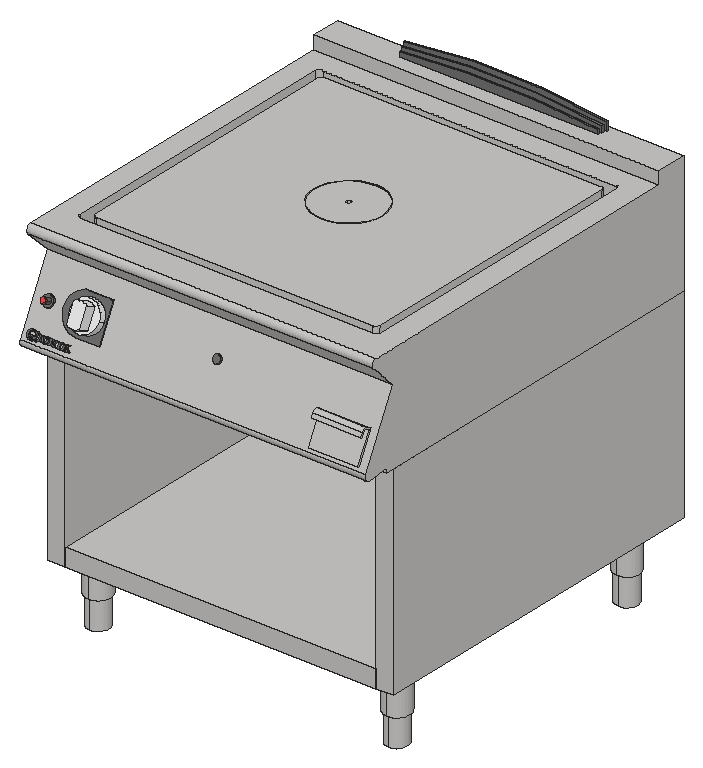
Revit family "QF_GIORIK_TG940G", category Specialty Equipment, Revit 2014
Parameters (values of type "TG940G")
  Weight in Pounds = 231.4851
  URL Cutsheet = "www.giorik.com"
  URL = "www.giorik.com"
  Status [instance] = ""
  Specification by User [instance] = ""
  Specification by Manufacturer = ""
  Show Logo [instance] = yes
  Show Clearance [instance] = yes
  Serial Number = ""
  Seismic Rating = ""
  SMACNA No = ""
  Revision Code [instance] = ""
  NAFEM Spec ID Number = ""
  Model = "TG940G"
  Mechanical Remarks [instance] = "Natural Gas"
  Mechanical Connection Type [instance] = ""
  Masterspec = ""
  Manufacturer = "GIORIK"
  Item Number [instance] = ""
  Installed By [instance] = ""
  Identify Quantity as Lot [instance] = no
  Gas Size = 1"
  Gas RI Height [instance] = 0 mm
  Gas KW = 15
  Gas Input = 15000 W
  Gas Connection Height [instance] = 150 mm
  Furnished By [instance] = ""
  Foodservice Equipment Identifier [instance] = yes
  Description = "GAS SOLID TOP HOB ON OPEN BASE UNIT"
  CSI MasterFormat = ""
  Assembly Code = "E1090320"
Reference planes
  plane 1 "Back": y = 0
  plane 2: z = 0
  plane 3 "Left": x = 0
  plane 4 "Right": x = 800
  plane 5 "Front": y = -920
  plane 6 "Top": z = 900
Forms (mm)
  Extrusion 1, solid, visible <- "Show Logo"
    sketch origin (-83.016, -936.624, 609.486) x (-1, 0, 0) y (0, 0.452718, 0.891654)
      loop
        line (-118.824, 58.358) -> (-127.804, 58.358) -> (-125.523, 56.445) -> (-125.523, 48.027) -> (-127.804, 46.113) -> (-118.824, 46.113) -> (-121.105, 48.027) -> (-121.105, 56.445) -> (-118.824, 58.358)
      loop
        line (-163.721, 58.358) -> (-172.7, 58.358) -> (-170.42, 56.445) -> (-170.42, 48.027) -> (-172.7, 46.113) -> (-163.721, 46.113) -> (-166.001, 48.027) -> (-166.001, 56.445) -> (-163.721, 58.358)
      loop
        line (-174.332, 58.358) -> (-183.312, 58.358) -> (-181.031, 56.445) -> (-181.031, 52.435) -> (-186.419, 56.955) -> (-184.416, 58.358) -> (-191.268, 58.358) -> (-188.01, 56.839) -> (-185.455, 54.283) -> (-190.846, 47.858) -> (-193.396, 46.93) -> (-193.396, 46.113) -> (-184.416, 46.113) -> (-185.437, 47.571) -> (-182.443, 51.552) -> (-181.031, 50.894) -> (-181.031, 48.027) -> (-183.312, 46.113) -> (-174.332, 46.113) -> (-176.613, 48.027) -> (-176.613, 56.445) -> (-174.332, 58.358)
      loop
        line (-115.429, 62.063) -> (-115.429, 54.198)
        arc (-115.429, 54.198) -> (-111.618, 57.803) -> (-106.847, 59.986) r 16.039
        arc (-106.847, 59.986) -> (-103.314, 59.837) -> (-100.512, 57.68) r 5.851
        arc (-100.512, 57.68) -> (-98.815, 52.267) -> (-100.512, 46.853) r 9.479
        arc (-100.512, 46.853) -> (-102.406, 44.986) -> (-104.846, 43.93) r 7.236
        arc (-104.846, 43.93) -> (-107.728, 44.111) -> (-110.052, 45.825) r 5.11
        line (-110.052, 45.825) -> (-110.052, 52.001) -> (-116.141, 52.001) -> (-116.141, 45.503) -> (-117.893, 43.751) -> (-114.094, 44.769)
        arc (-114.094, 44.769) -> (-112.56, 44.947) -> (-111.129, 44.366) r 3.115
        arc (-111.129, 44.366) -> (-104.216, 42.091) -> (-97.303, 44.366) r 11.641
        arc (-97.303, 44.366) -> (-93.396, 52.107) -> (-97.303, 59.849) r 9.622
        arc (-97.303, 59.849) -> (-104.369, 62.174) -> (-111.435, 59.849) r 11.898
        line (-111.435, 59.849) -> (-115.429, 62.063)
      loop
        arc (-129.234, 56.068) -> (-135.893, 58.628) -> (-142.552, 56.068) r 9.941
        arc (-142.552, 56.068) -> (-144.234, 52.286) -> (-142.552, 48.505) r 5.093
        arc (-142.552, 48.505) -> (-135.893, 45.945) -> (-129.234, 48.505) r 9.941
        arc (-129.234, 48.505) -> (-127.552, 52.286) -> (-129.234, 56.068) r 5.093
      loop
        arc (-132.628, 54.403) -> (-135.893, 57.668) -> (-139.158, 54.403) r 3.265
        line (-139.158, 54.403) -> (-139.158, 50.169)
        arc (-139.158, 50.169) -> (-135.893, 46.904) -> (-132.628, 50.169) r 3.265
        line (-132.628, 50.169) -> (-132.628, 54.403)
      loop
        arc (-156.363, 58.365) -> (-159.647, 55.081) -> (-156.363, 51.796) r 3.285
        line (-156.363, 51.796) -> (-159.529, 47.306) -> (-162.087, 46.113) -> (-155.847, 46.113) -> (-153.529, 51.083) -> (-150.637, 51.083) -> (-150.637, 47.784) -> (-153.022, 46.113) -> (-144.011, 46.113) -> (-146.094, 47.68) -> (-146.094, 56.493) -> (-144.229, 58.365) -> (-156.363, 58.365)
      loop
        line (-150.637, 57.512) -> (-153.637, 57.512)
        arc (-153.637, 57.512) -> (-156.237, 54.912) -> (-153.637, 52.312) r 2.6
        line (-153.637, 52.312) -> (-150.637, 52.312) -> (-150.637, 57.512)
      loop
        line (-108.924, 52.001) -> (-104.936, 49.005) -> (-100.948, 52.001) -> (-108.924, 52.001)
    from 1.5 to -0.5
  Extrusion 2, solid
    sketch origin (-16, 1025.948, 0) x (1, 0, 0) y (0, 1, 0)
      loop
        line (25, -1086.81) -> (25, -1156.81) -> (115, -1156.81) -> (115, -1086.81) -> (25, -1086.81)
    from 148 to 150
  Extrusion 3, solid
    sketch origin (-4, 0.138, 130) x (1, 0, 0) y (0, 1, 0)
      loop
        circle (54, -385) r 12.5
    from 0 to 20
  Extrusion 4, solid
    sketch origin (0, 800.138, -20) x (0, 1, 0) y (0, 0, 1)
      loop
        line (-800.138, 919.988) -> (-870.138, 919.988) -> (-870.138, 889.988) -> (-1688.806, 889.988)
        arc (-1688.806, 889.988) -> (-1699.151, 883.075) -> (-1696.724, 870.873) r 11.197
        line (-1696.724, 870.873) -> (-1640.876, 815.025) -> (-1718.948, 661.258)
        arc (-1718.948, 661.258) -> (-1718.233, 650.105) -> (-1708.118, 645.354) r 10.981
        line (-1708.118, 645.354) -> (-1660, 649.925) -> (-1660, 640) -> (-800.138, 640) -> (-800.138, 919.988)
    from 0 to 800
  Extrusion 5, solid
    sketch origin (0, -199.862, 599.536) x (1, 0, 0) y (0, 1, 0)
      loop
        line (0, -640) -> (40, -640) -> (40, 159.862) -> (760, 159.862) -> (760, -640) -> (800, -640) -> (800, 199.862) -> (0, 199.862) -> (0, -640)
    from -449.536 to 20.464
  Extrusion 6, solid
    sketch origin (0, -199.862, 0) x (1, 0, 0) y (0, 1, 0)
      loop
        line (40, 159.862) -> (40, -640) -> (760, -640) -> (760, 159.862) -> (40, 159.862)
    from 150 to 190
  Extrusion 7, solid
    sketch origin (-16, 360.948, 0) x (1, 0, 0) y (0, 1, 0)
      loop
        line (25, -1086.81) -> (25, -1156.81) -> (115, -1156.81) -> (115, -1086.81) -> (25, -1086.81)
    from 148 to 150
  Revolve 8, solid
    sketch origin (54, 360.948, 0) x (0, 1, 0) y (0, 0, 1)
      loop
        line (-1092.56, 66) -> (-1092.56, 148) -> (-1121.81, 148) -> (-1121.81, 0) -> (-1096.81, 0) -> (-1096.81, 66) -> (-1092.56, 66)
      axis (-1121.81, 0) -> (-1121.81, 148)
    angle from 0 to 360
  Extrusion 9, solid
    sketch origin (816, 360.948, 0) x (-1, 0, 0) y (0, -1, 0)
      loop
        line (25, 1086.81) -> (115, 1086.81) -> (115, 1156.81) -> (25, 1156.81) -> (25, 1086.81)
    from 148 to 150
  Revolve 10, solid
    sketch origin (746, 360.948, 0) x (0, 1, 0) y (0, 0, -1)
      loop
        line (-1092.56, -66) -> (-1096.81, -66) -> (-1096.81, 0) -> (-1121.81, 0) -> (-1121.81, -148) -> (-1092.56, -148) -> (-1092.56, -66)
      axis (-1121.81, 0) -> (-1121.81, -148)
    angle from 0 to 360
  Extrusion 11, void
    sketch origin (402.225, -199.862, 900) x (0, 1, 0) y (-1, 0, 0)
      loop
        line (79.862, -337.775) -> (79.862, 342.225)
        arc (79.862, 342.225) -> (76.933, 349.296) -> (69.862, 352.225) r 10
        line (69.862, 352.225) -> (-610.265, 352.225)
        arc (-610.265, 352.225) -> (-617.336, 349.296) -> (-620.265, 342.225) r 10
        line (-620.265, 342.225) -> (-620.265, -337.775)
        arc (-620.265, -337.775) -> (-617.336, -344.846) -> (-610.265, -347.775) r 10
        line (-610.265, -347.775) -> (69.862, -347.775)
        arc (69.862, -347.775) -> (76.933, -344.846) -> (79.862, -337.775) r 10
    from -30.012 to -70.012
  Extrusion 12, solid
    sketch origin (816, -1217.672, 0) x (-1, 0, 0) y (0, -1, 0)
      loop
        line (25, -1086.81) -> (25, -1156.81) -> (115, -1156.81) -> (115, -1086.81) -> (25, -1086.81)
    from 148 to 150
  Revolve 13, solid
    sketch origin (746, -1217.672, 0) x (0, -1, 0) y (0, 0, 1)
      loop
        line (-1092.56, 66) -> (-1092.56, 148) -> (-1121.81, 148) -> (-1121.81, 0) -> (-1096.81, 0) -> (-1096.81, 66) -> (-1092.56, 66)
      axis (-1121.81, 0) -> (-1121.81, 148)
    angle from 0 to 360
  Extrusion 14, solid
    sketch origin (-199.411, -199.862, 829.988) x (0, 1, 0) y (-1, 0, 0)
      loop
        line (59.862, -919.41) -> (59.862, -280.219)
        arc (59.862, -280.219) -> (56.933, -273.148) -> (49.862, -270.219) r 10
        line (49.862, -270.219) -> (-590.265, -270.219)
        arc (-590.265, -270.219) -> (-597.336, -273.148) -> (-600.265, -280.219) r 10
        line (-600.265, -280.219) -> (-600.265, -919.41)
        arc (-600.265, -919.41) -> (-597.336, -926.481) -> (-590.265, -929.41) r 10
        line (-590.265, -929.41) -> (49.862, -929.41)
        arc (49.862, -929.41) -> (56.933, -926.481) -> (59.862, -919.41) r 10
      loop
        circle (-270.201, -600.241) r 80
    from 0 to 40
  Extrusion 15, solid
    sketch origin (-198.539, -99.781, 829.988) x (0, 1, 0) y (-1, 0, 0)
      loop
        circle (-370.282, -599.41) r 78
      loop
        circle (-370.282, -599.41) r 5
    from 0 to 40
  Extrusion 16, solid
    sketch origin (-294.488, -1163.208, 52.363) x (1, 0, 0) y (0, 0.452718, 0.891654)
      loop
        line (463.221, 676.25) -> (463.221, 766.25) -> (409.698, 766.25)
        arc (409.698, 766.25) -> (364.698, 721.25) -> (409.698, 676.25) r 45
        line (409.698, 676.25) -> (463.221, 676.25)
    from 48 to 50
  Extrusion 17, solid
    sketch origin (480.064, -1208.559, 74.959) x (-1, 0, 0) y (0, -0.45351, -0.891251)
      loop
        circle (351.331, -721.346) r 35
    from 0 to 15
  Extrusion 18, solid
    sketch origin (480.064, -1208.559, 74.959) x (-1, 0, 0) y (0, -0.45351, -0.891251)
      loop
        arc (336.331, -743.846) -> (351.331, -748.846) -> (366.331, -743.846) r 25
        line (366.331, -743.846) -> (366.331, -698.846)
        arc (366.331, -698.846) -> (351.331, -693.846) -> (336.331, -698.846) r 25
        line (336.331, -698.846) -> (336.331, -743.846)
    from 15 to 40
  Extrusion 19, solid
    sketch origin (73.883, -1180.381, 71.011) x (-1, 0, 0) y (0, -0.452718, -0.891654)
      loop
        circle (38.702, -711.666) r 12.5
    from 25 to 27
  Extrusion 20, solid
    sketch origin (800.091, -1207.364, 77.507) x (-1, 0, 0) y (0, -0.452718, -0.891654)
      loop
        circle (764.91, -718.089) r 6
    from 0 to 15
  Extrusion 21, solid
    sketch origin (800.091, -1208.4, 78.033) x (-1, 0, 0) y (0, -0.452718, -0.891654)
      loop
        circle (764.91, -718.089) r 6
    from 13.838 to 15.838
  Extrusion 22, solid
    sketch origin (527.393, -1206.574, 162.846) x (0, 0.891654, -0.452718) y (0, 0.452718, 0.891654)
      loop
        line (40, 640.1) -> (30, 640.1)
        arc (30, 640.1) -> (22.929, 637.171) -> (20, 630.1) r 10
        line (20, 630.1) -> (20, 620.1) -> (22, 620.1) -> (22, 630.1)
        arc (22, 630.1) -> (24.343, 635.757) -> (30, 638.1) r 8
        line (30, 638.1) -> (38, 638.1) -> (38, 565.1) -> (40, 565.1) -> (40, 640.1)
    from 137.5 to 252.5
  Extrusion 23, solid
    sketch origin (458.883, -1173.653, 82.594) x (-1, 0, 0) y (0, -0.452718, -0.891654)
      loop
        circle (38.657, -711.64) r 9
    from 25 to 27
  Extrusion 24, solid
    sketch origin (36.031, 0, -10.001) x (1, 0, 0) y (0, 0, 1)
      loop
        line (135, 909.989) -> (592.969, 909.989) -> (592.969, 919.989) -> (440.969, 929.989) -> (287, 929.989) -> (135, 919.989) -> (135, 909.989)
    from 32 to 35
  Extrusion 25, solid
    sketch origin (38, 10, -10.001) x (1, 0, 0) y (0, 0, 1)
      loop
        line (594, 909.989) -> (594, 924.989) -> (440, 937.489) -> (284, 937.489) -> (130, 925.001) -> (130, 909.989) -> (594, 909.989)
    from 32 to 35
  Extrusion 26, solid
    sketch origin (40, 20, -10.001) x (1, 0, 0) y (0, 0, 1)
      loop
        line (595, 909.989) -> (595, 930.001) -> (439, 945.258) -> (281, 945.258) -> (125, 929.989) -> (125, 909.989) -> (595, 909.989)
    from 32 to 35
  Revolve 27, solid
    sketch origin (54, 1025.948, 0) x (0, 1, 0) y (0, 0, 1)
      loop
        line (-1092.56, 66) -> (-1092.56, 148) -> (-1121.81, 148) -> (-1121.81, 0) -> (-1096.81, 0) -> (-1096.81, 66) -> (-1092.56, 66)
      axis (-1121.81, 0) -> (-1121.81, 148)
    angle from 0 to 360
Cuts and joins
  Extrusion 11 cuts Extrusion 4
Lines and regions (mm)
  symbolic lines, style "200-EquipBorder-2D"
    curve 1: line (0, -920, 0) -> (800, -920, 0)
    curve 2: line (800, -920, 0) -> (800, 0, 0)
    curve 3: line (800, 0, 0) -> (0, 0, 0)
    curve 4: line (0, 0, 0) -> (0, -920, 0)
    curve 40: line (113.733, -927.276, 900) -> (113.733, -920, 900)
    curve 41: line (143.733, -927.276, 900) -> (143.733, -920, 900)
    curve 42: arc (143.733, -927.276, 900) -> (128.733, -929.549, 900) -> (113.733, -927.276, 900) r 50.632
  symbolic lines, style "200-EquipInternal-2D"
    curve 5: line (0, -70, 900) -> (800, -70, 900)
    curve 6: line (165, -12, 900) -> (635, -12, 900)
    curve 7: line (635, -12, 900) -> (635, -15, 900)
    curve 8: line (635, -15, 900) -> (165, -15, 900)
    curve 9: line (165, -15, 900) -> (165, -12, 900)
    curve 10: line (168, -22, 900) -> (632, -22, 900)
    curve 11: line (632, -22, 900) -> (632, -25, 900)
    curve 12: line (632, -25, 900) -> (168, -25, 900)
    curve 13: line (168, -25, 900) -> (168, -22, 900)
    curve 14: line (171.031, -32, 900) -> (629, -32, 900)
    curve 15: line (629, -32, 900) -> (629, -35, 900)
    curve 16: line (629, -35, 900) -> (171.031, -35, 900)
    curve 17: line (171.031, -35, 900) -> (171.031, -32, 900)
    curve 18: arc (60, -120, 900) -> (52.929, -122.929, 900) -> (50, -130, 900) r 10
    curve 19: line (740, -120, 900) -> (60, -120, 900)
    curve 20: line (719.999, -140, 900) -> (80.808, -140, 900)
    curve 21: line (50, -130, 900) -> (50, -810.127, 900)
    curve 22: line (70.808, -150, 900) -> (70.808, -790.127, 900)
    curve 23: arc (80.808, -140, 900) -> (73.737, -142.929, 900) -> (70.808, -150, 900) r 10
    curve 24: arc (50, -810.127, 900) -> (52.929, -817.198, 900) -> (60, -820.127, 900) r 10
    curve 25: arc (70.808, -790.127, 900) -> (73.737, -797.198, 900) -> (80.808, -800.127, 900) r 10
    curve 26: line (60, -820.127, 900) -> (740, -820.127, 900)
    curve 27: line (80.808, -800.127, 900) -> (719.999, -800.127, 900)
    curve 28: line (750, -810.127, 900) -> (750, -130, 900)
    curve 29: arc (719.999, -800.127, 900) -> (727.07, -797.198, 900) -> (729.999, -790.127, 900) r 10
    curve 30: line (729.999, -790.127, 900) -> (729.999, -150, 900)
    curve 31: arc (740, -820.127, 900) -> (747.071, -817.198, 900) -> (750, -810.127, 900) r 10
    curve 32: arc (729.999, -150, 900) -> (727.07, -142.929, 900) -> (719.999, -140, 900) r 10
    curve 33: arc (750, -130, 900) -> (747.071, -122.929, 900) -> (740, -120, 900) r 10
    curve 34: arc (480.83, -470.064, 900) -> (400.83, -550.064, 900) -> (320.83, -470.064, 900) r 80
    curve 35: arc (478.872, -470.064, 900) -> (400.872, -392.064, 900) -> (322.872, -470.064, 900) r 78
    curve 36: arc (320.83, -470.064, 900) -> (400.83, -390.064, 900) -> (480.83, -470.064, 900) r 80
    curve 37: arc (322.872, -470.064, 900) -> (400.872, -548.064, 900) -> (478.872, -470.064, 900) r 78
    curve 38: arc (405.872, -470.064, 900) -> (400.872, -475.064, 900) -> (395.872, -470.064, 900) r 5
    curve 39: arc (395.872, -470.064, 900) -> (400.872, -465.064, 900) -> (405.872, -470.064, 900) r 5
Dimensions and locks
  plane 3 "Left" to plane 4 "Right" = 800 mm
  plane 5 "Front" to plane 1 "Back" = 920 mm
  plane 4 "Right" to plane 3 "Left" = 800 mm
  plane 1 "Back" to plane 5 "Front" = 920 mm
  plane 6 "Top" to level = 900 mm  (x2)
  aligned and locked: level to plane 2
Connectors
  piping at (50, -384.862, 130), diameter 25.4, driven by "Gas Size"
    settings: on Extrusion 3, index 1, connector inside diameter 24", connector length 0 mm, flow factor 0, pipe flow 0.0 L/s, pressure drop 0.0 Pa, fitting loss kfactor 0, connector angle 0.00°, fixture units 0, engagement length 0 mm, angle of deflection 0.00°, flow configuration 1, flow direction 1, fitting loss method 0, system type 22, joint type 0, gender type 0, connector reference index -1, connector utility 0, adjustable connector no, is connector primary yes, connector description "Gas inlet"
